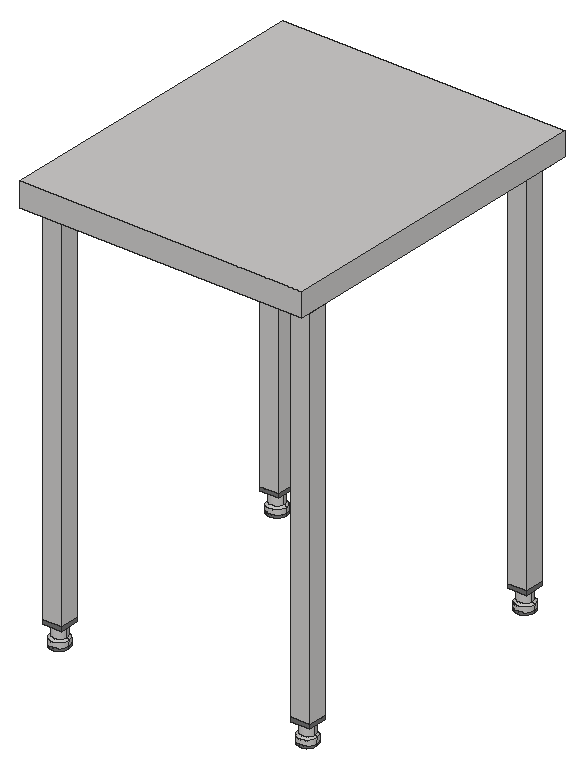
Revit family "QF_ZANUSSI_133215_TG600N", category Attrezzature speciali, Revit 2020
Family settings
  Quota connettore circolare = Usa diametro
  Tipo di parte = Normale
  Basato su piano di lavoro = No
  Sempre verticale = Sì
  Taglio con vuoti quando caricato = No
  Condiviso = No
  Punto di calcolo locali = No
Parameters (values of type "Standard")
  Weight = 21.00 kg
  Watts = 0 W
  Volts = 0 V
  URL Manufacturer = "http://www.zanussiprofessional.com"
  URL = "http://www.zanussiprofessional.com"
  Steam Supply Size = 0 mm
  Steam Supply Minimum Pressure = 0.0 Pa
  Steam Supply Maximum Pressure = 0.0 Pa
  Steam Consumption per Hour = 0
  Refrigeration Suction Line Size = 0.0 mm
  Refrigeration Liquid Line Size = 0.0 mm
  Refrigerant Compressor Remote = yes
  Prospetto di default = 0.0 mm
  Produttore = "Zanussi"
  Phase = 0
  Modello = "TG600N"
  Length Actual = 600.0 mm  # constant formula
  Item Number = "133215"
  Hot Water Size = 0 mm
  Height Actual = 900.0 mm  # constant formula
  HP = "0 HP"
  Gas Size = 0 mm
  Gas KW = 0
  Gas Input Pressure = 0 W
  Direct Waste Size = 0 mm
  Descrizione = "WORK TABLE 600 MM"
  Depth Actual = 700.0 mm  # constant formula
  Cycle = 0 Hz
  Condensate Return Size = 0 mm
  Compressed Air Volume = 0.0 L/s
  Compressed Air Size = 0 mm
  Compressed Air Pressure = 0.0 Pa
  Cold Water Size = 0 mm
  Accessory = yes
Reference planes
  plane 1 "Center (Front/Back)": y = 0
  plane 2: z = 0
  plane 3 "Center (Left/Right)": x = 200
  plane 4 "LEFT": x = -100
  plane 5 "RIGHT": x = 500
  plane 6 "BACK": y = 350
  plane 7 "FRONT": y = -350
  plane 8 "Base": z = 850
  plane 9 "TOP": z = 900
  plane 10: x = -64.5
  plane 11: x = 464.5
  plane 12: y = 290
  plane 13: y = -290
Forms (mm)
  Extrusion 1, solid, material "QF_Finishes_Stainless Steel"
    sketch origin (200, 0, 0) x (0, 1, 0) y (0, 0, 1)
      loop
        line (-350, 850) -> (350, 850) -> (350, 900) -> (-350, 900) -> (-350, 850)
    from 300 to -300
Lines and regions (mm)
  symbolic lines
    curve 1: line (500, 350, 900) -> (-100, 350, 900)
    curve 2: line (-100, 350, 900) -> (-100, -350, 900)
    curve 3: line (-100, -350, 900) -> (500, -350, 900)
    curve 4: line (500, -350, 900) -> (500, 350, 900)
Dimensions and locks
  plane 4 "LEFT" to plane 5 "RIGHT" = 600.0 mm
  equal spacing: plane 4 "LEFT", plane 3 "Center (Left/Right)", plane 5 "RIGHT"
  plane 4 "LEFT" to plane 10 = 35.5 mm
  plane 11 to plane 5 "RIGHT" = 35.5 mm
  plane 10 to plane 11 = 529.0 mm
  locked: plane 9 "TOP" to level at 900
  plane 6 "BACK" to plane 12 = 60.0 mm
  plane 13 to plane 7 "FRONT" = 60.0 mm
  plane 6 "BACK" to plane 7 "FRONT" = 700.0 mm
  plane 12 to plane 13 = 580.0 mm
  equal spacing: plane 6 "BACK", plane 1 "Center (Front/Back)", plane 7 "FRONT"
  locked: plane 8 "Base" to level at 850
  aligned and locked: level to plane 2
  aligned and locked: plane 10 to nested 1
  aligned and locked: nested 1 to plane 13
  aligned and locked: plane 11 to nested 2
  aligned and locked: nested 2 to plane 13
  aligned and locked: plane 11 to nested 4
  aligned and locked: nested 4 to plane 12
  aligned and locked: plane 10 to nested 3
  aligned and locked: nested 3 to plane 12
  aligned and locked: Extrusion 1 to plane 4 "LEFT"
  aligned and locked: plane 5 "RIGHT" to Extrusion 1
  aligned and locked: curve 2 to plane 4 "LEFT"
Automatic sketch dimensions
  Extrusion 1 sketch curve to plane 7 "FRONT" = 0.0 mm
  Extrusion 1 sketch curve to plane 8 "Base" = 0.0 mm
  curve 3 to plane 7 "FRONT" = 0.0 mm
  curve 4 to plane 6 "BACK" = 0.0 mm
  Extrusion 1 sketch curve to plane 9 "TOP" = 0.0 mm
  Extrusion 1 sketch curve to plane 6 "BACK" = 0.0 mm
  curve 4 to plane 5 "RIGHT" = 0.0 mm
Nested families
  nested 1: "FEET_40x40_APP42" at (-64.5, -290, 0), type "FEET_40x40_APP42"
  nested 2: "FEET_40x40_APP42" at (464.5, -290, 0), type "FEET_40x40_APP42"
  nested 3: "FEET_40x40_APP42" at (-64.5, 290, 0), type "FEET_40x40_APP42"
  nested 4: "FEET_40x40_APP42" at (464.5, 290, 0), type "FEET_40x40_APP42"
Definition of nested family "FEET_40x40_APP42"
  Parameters
    Default Elevation = 0.0 mm
    FEET = 850.0 mm
  Reference planes
    plane 1 "Center (Front/Back)": y = 0
    plane 2: z = 0
    plane 3 "Center (Left/Right)": x = 0
    plane 4: z = 850
  Forms (mm)
    Extrusion 1, solid
      sketch origin (0, 0, 0) x (1, 0, 0) y (0, 1, 0)
        loop
          line (-20, -20) -> (20, -20) -> (20, 20) -> (-20, 20) -> (-20, -20)
      from 50 to 845
    Extrusion 2, solid
      sketch origin (0, 0, 0) x (1, 0, 0) y (0, 1, 0)
        loop
          circle (0, 0) r 20
      from 0 to 5
    Extrusion 3, solid
      sketch origin (0, 0, 0) x (1, 0, 0) y (0, 1, 0)
        loop
          line (30, 30) -> (-30, 30) -> (-30, -30) -> (30, -30) -> (30, 30)
      from 845 to 850
    Extrusion 4, solid
      sketch origin (0, 0, 0) x (1, 0, 0) y (0, 1, 0)
        loop
          line (-20, -20) -> (20, -20) -> (20, 20) -> (-20, 20) -> (-20, -20)
      from 50 to 42
    Revolve 5, solid
      sketch origin (0, 0, 0) x (1, 0, 0) y (0, 0, 1)
        loop
          line (0, 42) -> (-15, 42) -> (-15, 20) -> (-20, 15) -> (-20, 5) -> (0, 5) -> (0, 42)
        axis (0, 42) -> (0, 5)
      angle from 0 to 360
  Lines and regions (mm)
    symbolic lines
      curve 1: line (0, -1.503, 0) -> (0, 1.508, 0)
      curve 2: line (1.561, 0, 0) -> (-1.439, 0, 0)
  Dimensions and locks
    "FEET": plane 4 to plane 2
    aligned and locked: level to plane 2
  Automatic sketch dimensions
    plane 1 "Center (Front/Back)" to curve 2 = 0.0 mm
    curve 1 to plane 3 "Center (Left/Right)" = 0.0 mm
    curve 2 to plane 3 "Center (Left/Right)" = 1.439 mm
    plane 3 "Center (Left/Right)" to curve 2 = 1.561 mm
    plane 1 "Center (Front/Back)" to curve 1 = 1.503 mm
    curve 1 to plane 1 "Center (Front/Back)" = 1.508 mm
    Extrusion 1 sketch curve to plane 3 "Center (Left/Right)" = 20.0 mm
    plane 3 "Center (Left/Right)" to Extrusion 1 sketch curve = 20.0 mm
    plane 1 "Center (Front/Back)" to Extrusion 1 sketch curve = 20.0 mm
    Extrusion 1 sketch curve to plane 1 "Center (Front/Back)" = 20.0 mm
    plane 1 "Center (Front/Back)" to Extrusion 2 sketch curve = 0.0 mm
    Extrusion 2 sketch curve to plane 3 "Center (Left/Right)" = 0.0 mm
    Extrusion 3 sketch curve to plane 3 "Center (Left/Right)" = 30.0 mm
    plane 3 "Center (Left/Right)" to Extrusion 3 sketch curve = 30.0 mm
    plane 1 "Center (Front/Back)" to Extrusion 3 sketch curve = 30.0 mm
    Extrusion 3 sketch curve to plane 1 "Center (Front/Back)" = 30.0 mm
    Extrusion 4 sketch curve to plane 3 "Center (Left/Right)" = 20.0 mm
    plane 3 "Center (Left/Right)" to Extrusion 4 sketch curve = 20.0 mm
    plane 1 "Center (Front/Back)" to Extrusion 4 sketch curve = 20.0 mm
    Extrusion 4 sketch curve to plane 1 "Center (Front/Back)" = 20.0 mm
    Revolve 5 sketch curve to plane 3 "Center (Left/Right)" = 0.0 mm  (x2)
    Revolve 5 sketch curve to plane 3 "Center (Left/Right)" = 15.0 mm
    Revolve 5 sketch curve to Revolve 5 sketch curve = 5.0 mm  (x3)
    level to Revolve 5 sketch curve = 5.0 mm
    Revolve 5 sketch curve to Revolve 5 sketch curve = 10.0 mm
    Revolve 5 sketch curve to Revolve 5 sketch curve = 22.0 mm
    Revolve 5 sketch curve to level = 9.561 mm
    radius of Extrusion 2 sketch curve = 20.0 mm
